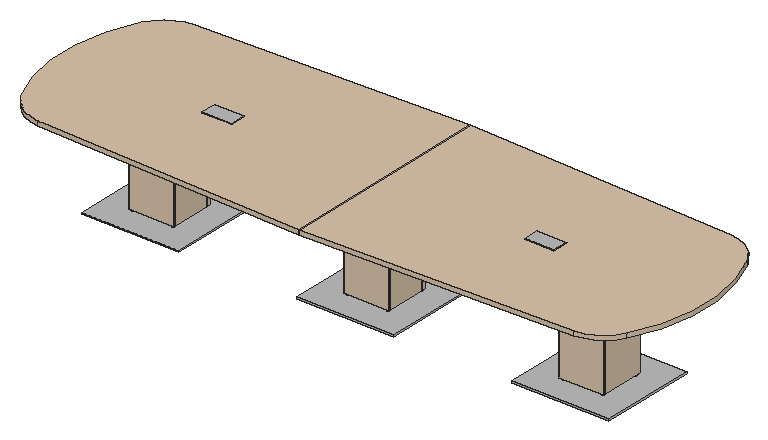
Revit family "Haworth_Planes_ColumnBaseConferenceTable_PebbleTwoPiece", category Furniture Systems, Revit 2018
Family settings
  Round Connector Dimension = Use Diameter
  Part Type = Normal
  OmniClass Number = 23.40.70.14.64.21
  OmniClass Title = Systems Furniture
  Work Plane-Based = No
  Always vertical = Yes
  Cut with Voids When Loaded = No
  Shared = No
  Room Calculation Point = No
Parameters (values of type "180w 60d")
  Worksurface Finish [instance] = Haworth _ Laminate _ Maple H-AE
  Worksurface Edge Finish [instance] = Haworth _ Laminate _ Maple H-AE
  Width = 180"
  Warranty = "http://www.haworth.com/resources/product-info/warranties"
  URL - Product = "http://www.haworth.com/products/tables/conference/planes"
  Trim Finish = Haworth _ Laminate _ Maple H-AE
  Sustainability Info = "http://media.haworth.com/asset/5175/Planes%20tables%20PEDS.pdf"
  Support Side Offset = 30"  # constant formula
  Opening Single Wide = no
  Opening Single = not(or(Opening Single Wide, Opening Double, Opening Double Wide))  # yes
  Opening Left/Right = not(Opening Center)  # no
  Opening Double Wide = no
  Opening Double = no
  Opening Center = yes
  Model = "TARP"  # constant formula
  Min. Depth = 42"  # constant formula
  Middle Leg Control = Actual Width > 168"  # yes
  Max. Depth = 60"  # constant formula
  URL = "www.haworth.com"
  Support Height = Actual Height - Table Thickness  # 27 13/16"
  Size = "Verify Final Dim. w/ Haworth"  # constant formula
  Revision Number = "1"  # constant formula
  Min/Max Width = "126-180 @ 6 in. increments"  # constant formula
  Standard Height = "21, 29, 41 in."  # constant formula
  Min. Width = 126"  # constant formula
  Max. Width = 180"  # constant formula
  Min. Height = 21"  # constant formula
  Max. Height = 41"  # constant formula
  Manufacturer = "Haworth"  # constant formula
  Height = 29"
  Fliptop Width = Cutout Width + 1/4"  # 8 1/4"
  Fliptop Side Vis. = and(Flip Top, [Opening Left/Right])  # no
  Fliptop Depth = Cutout Depth + 3/8"  # 4 3/8"
  Fliptop Center Vis. = and(Flip Top, Opening Center)  # yes
  Flip Top Finish = Haworth _ Paint _ Metallic Champagne
  Flip Top = yes
  Description = "Haworth Planes - Column Base Conference Table - Pebble - Two-Piece"  # constant formula
  Depth = 60"
  Cutout Width = if(or(Opening Single Wide, Opening Double Wide), 11", 8")  # 8"
  Cutout Side Offset = Actual Width / 8  # 22 1/2"
  Cutout Depth = if(or(Opening Double, Opening Double Wide), 7 11/16", 4")  # 4"
  Cutout Center Offset = Actual Width / 4  # 45"
  Custom Size = not(and(or(Depth = 42", Depth = 48", Depth = 54", Depth = 60"), or(Width = 126", Width = 132", Width = 138", Width = 144", Width = 150", Width = 156", Width = 162", Width = 168", Width = 174", Width = 180")))  # no
  Base Finish = Haworth _ Paint _ Metallic Champagne
  Author = "Haworth (Alias)"  # constant formula
  Assembly Code = "E2020200"
  Actual Width = if(Width > Max. Width, Max. Width, if(Width < Min. Width, Min. Width, Width))  # 180"
  Actual Height = if(Height > Max. Height, Max. Height, if(Height < Min. Height, Min. Height, Height))  # 29"
  Table Thickness = 1 3/16"  # constant formula
  Standard Depths = "42, 48, 54, 60 in."  # constant formula
  Actual Depth = if(Depth > Max. Depth, Max. Depth, if(Depth < Min. Depth, Min. Depth, Depth))  # 60"
Reference planes (in)
  plane 1 "Center F/B": y = -0.15866
  plane 2 "Floor": z = 0
  plane 3 "Center L/R": x = 0
  plane 4 "Table Edge Left": x = -90
  plane 5 "Table Edge Right": x = 90
  plane 6 "Table Edge Back": y = -30.15866
  plane 7 "Table Edge Front": y = 29.84134
  plane 8 "Table TOp": z = 29
  plane 9 "Fliptop Left 2": x = -22.5
  plane 10 "Fliptop Center 1": x = -45
  plane 11 "Fliptop Left 1": x = -67.5
  plane 12 "Fliptop Right 2": x = 22.5
  plane 13 "Fliptop Center 2": x = 45
  plane 14 "Fliptop Right 1": x = 67.5
  plane 15 "Base Right": x = 60
  plane 16 "Base Left": x = -60
Dimensions and locks (in)
  "Actual Depth": plane 7 "Table Edge Front" to plane 6 "Table Edge Back"
  "Actual Width": plane 4 "Table Edge Left" to plane 5 "Table Edge Right"
  equal spacing: plane 4 "Table Edge Left", plane 3 "Center L/R", plane 5 "Table Edge Right"
  equal spacing: plane 7 "Table Edge Front", plane 1 "Center F/B", plane 6 "Table Edge Back"
  "Actual Height": plane 8 "Table TOp" to level
  "Cutout Side Offset": plane 9 "Fliptop Left 2" to plane 3 "Center L/R"
  "Cutout Side Offset": plane 3 "Center L/R" to plane 12 "Fliptop Right 2"
  "Cutout Side Offset": plane 14 "Fliptop Right 1" to plane 5 "Table Edge Right"
  "Cutout Side Offset": plane 4 "Table Edge Left" to plane 11 "Fliptop Left 1"
  "Cutout Center Offset": plane 10 "Fliptop Center 1" to plane 3 "Center L/R"
  "Cutout Center Offset": plane 3 "Center L/R" to plane 13 "Fliptop Center 2"
  "Support Side Offset": plane 15 "Base Right" to plane 5 "Table Edge Right"
  "Support Side Offset": plane 4 "Table Edge Left" to plane 16 "Base Left"
  aligned and locked: plane 11 "Fliptop Left 1" to nested 4
  aligned and locked: plane 1 "Center F/B" to nested 4
  aligned and locked: plane 1 "Center F/B" to nested 3
  aligned and locked: plane 1 "Center F/B" to nested 2
  aligned and locked: plane 1 "Center F/B" to nested 5
  aligned and locked: plane 1 "Center F/B" to nested 1
  aligned and locked: plane 1 "Center F/B" to nested 6
  aligned and locked: plane 10 "Fliptop Center 1" to nested 6
  aligned and locked: plane 13 "Fliptop Center 2" to nested 5
  aligned and locked: plane 14 "Fliptop Right 1" to nested 1
  aligned and locked: plane 12 "Fliptop Right 2" to nested 2
  aligned and locked: plane 9 "Fliptop Left 2" to nested 3
  aligned and locked: plane 2 "Floor" to nested 7
  aligned and locked: plane 1 "Center F/B" to nested 7
  aligned and locked: plane 3 "Center L/R" to nested 7
  aligned and locked: plane 2 "Floor" to nested 8
  aligned and locked: plane 2 "Floor" to nested 9
  aligned and locked: plane 1 "Center F/B" to nested 8
  aligned and locked: plane 1 "Center F/B" to nested 9
  aligned and locked: nested 9 to plane 16 "Base Left"
  aligned and locked: plane 15 "Base Right" to nested 8
  aligned and locked: plane 1 "Center F/B" to nested 10
  aligned and locked: plane 3 "Center L/R" to nested 10
  aligned and locked: plane 2 "Floor" to nested 10
Nested families (in)
  nested 1: "Haworth_Worksurface_FlipTop_Unit_Part" at (66.92963, -0.21114, 29), built-in parameter 1001364 <- "Actual Height", visible <- "Fliptop Side Vis.", type "Flip Top"
  nested 2: "Haworth_Worksurface_FlipTop_Unit_Part" at (21.92963, -0.21114, 29), built-in parameter 1001364 <- "Actual Height", visible <- "Fliptop Side Vis.", type "Flip Top"
  nested 3: "Haworth_Worksurface_FlipTop_Unit_Part" at (-23.07037, -0.21114, 29), built-in parameter 1001364 <- "Actual Height", visible <- "Fliptop Side Vis.", type "Flip Top"
  nested 4: "Haworth_Worksurface_FlipTop_Unit_Part" at (-68.07037, -0.21114, 29), built-in parameter 1001364 <- "Actual Height", visible <- "Fliptop Side Vis.", type "Flip Top"
  nested 5: "Haworth_Worksurface_FlipTop_Unit_Part" at (44.42963, -0.21114, 29), built-in parameter 1001364 <- "Actual Height", visible <- "Fliptop Center Vis.", type "Flip Top"
  nested 6: "Haworth_Worksurface_FlipTop_Unit_Part" at (-45.57037, -0.21114, 29), built-in parameter 1001364 <- "Actual Height", visible <- "Fliptop Center Vis.", type "Flip Top"
  nested 7: "Haworth_Planes_ColumnBase_Part" at (0, -3.78366, 0), visible <- "Middle Leg Control", type "Square"
    with Actual Height 27 13/16"
  nested 8: "Haworth_Planes_ColumnBase_Part" at (60, -3.78366, 0), type "Square"
    with Actual Height 27 13/16"
  nested 9: "Haworth_Planes_ColumnBase_Part" at (-60, -3.78366, 0), type "Square"
    with Actual Height 27 13/16"
  nested 10: "Haworth_Planes_Worksurface_Pebble_2Piece_PART" at (0, -15.15866, 0), type "Worksurface"
Definition of nested family "Haworth_Worksurface_FlipTop_Unit_Part"
  Parameters (values of type "Flip Top")
    Warranty = "https://www.haworth.com/resources/product-info/warranties"
    URL - Product = "https://www.haworth.com/products/tables/conference/planes"
    URL = "www.haworth.com"
    Sustainability Info = "https://www.haworth.com/company-info/sustainability"
    Size = "Verify Final Dim. w/ Haworth"  # constant formula
    Revision Number = "2"  # constant formula
    Model = "Haworth_Worksurface-Flip_Top_Unit"  # constant formula
    Manufacturer = "Haworth"  # constant formula
    LEED Data = "www.haworth.com/_layouts/Haworth.ProductCatalog/Handlers/GetAsset.ashx/ComposeLEEDContributions.pdf?cid=27&rid=1824&type=Leed"
    Flip Top Finish = none
    Description = "Haworth Worksurface-Flip Top Unit - Part"
    Default Elevation = 48"
    Author = "Haworth (Alias), SHAPE Environments, LLC"  # constant formula
    Assembly Code = "E2020200"
    Actual Width = 8 1/4"
    Actual Depth = 4 3/8"
  Reference planes (in)
    plane 1 "Center F/B": y = 0.05249
    plane 2: z = 0
    plane 3 "Center L/R": x = 0.57037
    plane 4 "Back": y = 2.23999
    plane 5 "Right": x = 4.69537
    plane 6 "Front": y = -2.13501
    plane 7 "Left": x = -3.55463
    plane 8 "Table Height": z = 0
  Forms (in)
    Extrusion 1, solid, material <- "Flip Top Finish"
      sketch origin (0, 0, 0) x (-1, 0, 0) y (0, -1, 0)
        loop
          line (3.55463, -2.23999) -> (3.55463, 2.13501) -> (-4.69537, 2.13501) -> (-4.69537, -2.23999) -> (3.55463, -2.23999)
      from 0 to 0.125
    Extrusion 2, solid, material <- "Flip Top Finish"
      sketch origin (0, 0, 0) x (-1, 0, 0) y (0, -1, 0)
        loop
          line (3.42963, -2.05249) -> (3.42963, 1.94751) -> (-4.57037, 1.94751) -> (-4.57037, -2.05249) -> (3.42963, -2.05249)
      from 0 to -2.75
  Cuts and joins
    joined: Extrusion 1, Extrusion 2
  Lines and regions (in)
    Masking region 1
      outline origin (0, 0, 0) x (1, 0, 0) y (0, 1, 0)
        loop
          line (-3.55463, 2.23999) -> (-3.55463, -2.13501) -> (4.69537, -2.13501) -> (4.69537, 2.23999) -> (-3.55463, 2.23999)
  Dimensions and locks (in)
    equal spacing: plane 7 "Left", plane 3 "Center L/R", plane 5 "Right"
    "Actual Width": plane 7 "Left" to plane 5 "Right"
    equal spacing: plane 6 "Front", plane 1 "Center F/B", plane 4 "Back"
    "Actual Depth": plane 4 "Back" to plane 6 "Front"
    plane 7 "Left" to Extrusion 2 sketch curve = 1/8"
    plane 4 "Back" to Extrusion 2 sketch curve = 3/16"
    Extrusion 2 sketch curve to plane 5 "Right" = 1/8"
    Extrusion 2 sketch curve to plane 6 "Front" = 3/16"
    locked: plane 8 "Table Height" to level
    aligned and locked: plane 7 "Left" to Extrusion 1 sketch curve
    aligned and locked: Extrusion 1 sketch curve to plane 4 "Back"
    aligned and locked: plane 6 "Front" to Extrusion 1 sketch curve
    aligned and locked: Extrusion 1 sketch curve to plane 5 "Right"
    aligned and locked: Masking region 1 sketch curve to cut or joined group of Extrusion 1, Extrusion 2  (x3)
    aligned and locked: cut or joined group of Extrusion 1, Extrusion 2 to Masking region 1 sketch curve
Definition of nested family "Haworth_Planes_ColumnBase_Part"
  Parameters (values of type "Square")
    Warranty = "http://www.haworth.com/resources/product-info/warranties"
    URL - Product = "http://www.haworth.com/products/tables/conference/planes"
    URL = "www.haworth.com"
    Trim Finish = none
    Top Gap = 1 1/2"  # constant formula
    Sustainability Info = "http://www.haworth.com/company-info/sustainablility"
    Support Finish = none
    Size = "Verify Final Dim. w/ Haworth"  # constant formula
    Revision Number = "2"  # constant formula
    Model = "Haworth - Planes - Enhanced Column Base - LIMITED"  # constant formula
    Min. Height = 27"  # constant formula
    Max. Height = 36"  # constant formula
    Manufacturer = "Haworth"  # constant formula
    Description = "Haworth - Planes - Enhanced Column Base - LIMITED"  # constant formula
    Column Frame Width 9 = no
    Column Frame Width 12 = yes
    Cladding Thickness = 1/8"  # constant formula
    Cladding Square = yes
    Cladding Round = no
    Cladding Radius = 8 1/2"  # constant formula
    Base Plate Square = yes
    Base Plate Round = no
    Base Plate Radius = 15"  # constant formula
    Base Height Offset = 3/8"  # constant formula
    Base Finish = none
    Base Depth Offset = 7 1/8"  # constant formula
    Author = "Haworth (Hampton)"  # constant formula
    Assembly Code = "E2020200"
    Actual Width = 12 3/4"  # constant formula
    Actual Height = 27 3/16"
    Actual Depth = 12 3/4"  # constant formula
  Types (2): name | Cladding Square | Cladding Round | Base Plate Square | Base Plate Round
    Square | yes | no | yes | no
    Round | no | yes | no | yes
  Reference planes (in)
    plane 1 "Center F/B": y = 3.625
    plane 2 "Bottom": z = 0
    plane 3 "Center L/R": x = 0
    plane 4 "Left": x = -6.375
    plane 5 "Right": x = 6.375
    plane 6 "Front": y = -2.75
    plane 7 "Top": z = 27.1875
    plane 8 "Back": y = 10
    plane 9: y = 9.25
    plane 10: x = 5.625
    plane 11: x = -5.625
    plane 12: y = -2
    plane 13 "Panel Top": z = 25.6875
    plane 14 "Base Plate Top": z = 0.375
    plane 15 "Panel Bottom": z = 0.75
    plane 16: x = -6.25
    plane 17: x = 6.25
    plane 18: y = 9.875
    plane 19: y = -2.625
    plane 20 "Plate Back": y = 17.125
    plane 21 "Plate Front": y = -9.875
    plane 22 "Plate Left": x = -13.5
    plane 23 "Plate Right": x = 13.5
    plane 24 "Angel 2": through (6.375, 10, 48) normal (0.7071, -0.7071, 0)
    plane 25 "Angel 1": through (-6.375, 10, 48) normal (0.7071, 0.7071, 0)
    plane 26: through (6.375, -2.75, 48) normal (-0.7071, -0.7071, 0)
    plane 27: through (6.375, 10, 48) normal (0.7071, -0.7071, 0)
    plane 28: through (-6.375, -2.75, 48) normal (-0.7071, 0.7071, 0)
    plane 29: through (6.375, -2.75, 48) normal (-0.7071, -0.7071, 0)
    plane 30: through (-6.375, 10, 48) normal (0.7071, 0.7071, 0)
    plane 31: through (-6.375, -2.75, 48) normal (-0.7071, 0.7071, 0)
  Forms (in)
    Extrusion 1, solid, material <- "Trim Finish", visible <- "Cladding Square"
      sketch origin (0, 0, 0) x (1, 0, 0) y (0, 1, 0)
        loop
          line (-6.375, 9.875) -> (-6.375, -2.625) -> (-6.25, -2.625) -> (-6.25, 9.875) -> (-6.375, 9.875)
      from 0.75 to 25.6875
    Extrusion 2, solid, material <- "Trim Finish", visible <- "Cladding Square"
      sketch origin (0, 0, 0) x (1, 0, 0) y (0, 1, 0)
        loop
          line (-6.25, 10) -> (-6.25, 9.875) -> (6.25, 9.875) -> (6.25, 10) -> (-6.25, 10)
      from 0.75 to 25.6875
    Extrusion 3, solid, material <- "Trim Finish", visible <- "Cladding Square"
      sketch origin (0, 0, 0) x (1, 0, 0) y (0, 1, 0)
        loop
          line (6.25, 9.875) -> (6.25, -2.625) -> (6.375, -2.625) -> (6.375, 9.875) -> (6.25, 9.875)
      from 0.75 to 25.6875
    Extrusion 4, solid, material <- "Trim Finish", visible <- "Cladding Square"
      sketch origin (0, 0, 0) x (1, 0, 0) y (0, 1, 0)
        loop
          line (-6.25, -2.625) -> (-6.25, -2.75) -> (6.25, -2.75) -> (6.25, -2.625) -> (-6.25, -2.625)
      from 0.75 to 25.6875
    Extrusion 5, solid, material <- "Support Finish"
      sketch origin (0, 0, 0) x (1, 0, 0) y (0, 1, 0)
        loop
          circle (-5.625, 9.25) r 0.375
        loop
          circle (5.625, 9.25) r 0.375
        loop
          circle (5.625, -2) r 0.375
        loop
          circle (-5.625, -2) r 0.375
      from 0.375 to 27.1875
    Extrusion 6, solid, material <- "Base Finish", visible <- "Base Plate Square"
      sketch origin (0, 0, 0) x (1, 0, 0) y (0, 1, 0)
        loop
          line (-13.5, 17.125) -> (-13.5, -9.875) -> (13.5, -9.875) -> (13.5, 17.125) -> (-13.5, 17.125)
      from 0 to 0.375
    Extrusion 7, solid, material <- "Base Finish", visible <- "Base Plate Round"
      sketch origin (0, 0, 0) x (1, 0, 0) y (0, 1, 0)
        loop
          circle (0, 3.625) r 15
      from 0 to 0.375
    Extrusion 8, solid, material <- "Trim Finish", visible <- "Cladding Round"
      sketch origin (0, 0, 0) x (1, 0, 0) y (0, 1, 0)
        loop
          arc (-6.01041, 9.63541) -> (0, 12.125) -> (6.01041, 9.63541) r 8.5
          line (6.01041, 9.63541) -> (6.01041, 9.81092)
          arc (6.01041, 9.81092) -> (0, 12.25) -> (-6.01041, 9.81092) r 8.625
          line (-6.01041, 9.81092) -> (-6.01041, 9.63541)
      from 0.75 to 25.6875
    Extrusion 9, solid, material <- "Trim Finish", visible <- "Cladding Round"
      sketch origin (-3.625, 3.625, 0) x (0, -1, 0) y (1, 0, 0)
        loop
          arc (-6.01041, 9.63541) -> (0, 12.125) -> (6.01041, 9.63541) r 8.5
          line (6.01041, 9.63541) -> (6.01041, 9.81092)
          arc (6.01041, 9.81092) -> (0, 12.25) -> (-6.01041, 9.81092) r 8.625
          line (-6.01041, 9.81092) -> (-6.01041, 9.63541)
      from 0.75 to 25.6875
    Extrusion 10, solid, material <- "Trim Finish", visible <- "Cladding Round"
      sketch origin (0, 7.25, 0) x (-1, 0, 0) y (0, -1, 0)
        loop
          arc (-6.01041, 9.63541) -> (0, 12.125) -> (6.01041, 9.63541) r 8.5
          line (6.01041, 9.63541) -> (6.01041, 9.81092)
          arc (6.01041, 9.81092) -> (0, 12.25) -> (-6.01041, 9.81092) r 8.625
          line (-6.01041, 9.81092) -> (-6.01041, 9.63541)
      from 0.75 to 25.6875
    Extrusion 11, solid, material <- "Trim Finish", visible <- "Cladding Round"
      sketch origin (3.625, 3.625, 0) x (0, 1, 0) y (-1, 0, 0)
        loop
          arc (-6.01041, 9.63541) -> (0, 12.125) -> (6.01041, 9.63541) r 8.5
          line (6.01041, 9.63541) -> (6.01041, 9.81092)
          arc (6.01041, 9.81092) -> (0, 12.25) -> (-6.01041, 9.81092) r 8.625
          line (-6.01041, 9.81092) -> (-6.01041, 9.63541)
      from 0.75 to 25.6875
  Lines and regions (in)
    symbolic lines, visible <- "Base Plate Square", detail levels medium+fine
      curve 1: line (-13.5, 17.125, 0) -> (13.5, 17.125, 0)
      curve 2: line (13.5, 17.125, 0) -> (13.5, -9.875, 0)
      curve 3: line (13.5, -9.875, 0) -> (-13.5, -9.875, 0)
      curve 4: line (-13.5, -9.875, 0) -> (-13.5, 17.125, 0)
    symbolic lines, visible <- "Cladding Square", detail levels medium+fine
      curve 5: line (-6.375, 10, 0) -> (6.375, 10, 0)
      curve 6: line (6.375, 10, 0) -> (6.375, -2.75, 0)
      curve 7: line (6.375, -2.75, 0) -> (-6.375, -2.75, 0)
      curve 8: line (-6.375, -2.75, 0) -> (-6.375, 10, 0)
    model lines, visible <- "Base Plate Round"
      curve 9: circle (0, 3.625, 0) r 15 normal (0, 0, 1)
    symbolic lines, visible <- "Base Plate Round", detail levels medium+fine
      curve 10: circle (0, 3.625, 0) r 8.5 normal (0, 0, 1)
  Dimensions and locks (in)
    equal spacing: plane 8 "Back", plane 1 "Center F/B", plane 6 "Front"
    "Actual Depth": plane 8 "Back" to plane 6 "Front"
    equal spacing: plane 4 "Left", plane 3 "Center L/R", plane 5 "Right"
    "Actual Width": plane 4 "Left" to plane 5 "Right"
    "Actual Height": plane 7 "Top" to level
    locked: plane 4 "Left" to plane 11 at 0.75
    locked: plane 10 to plane 5 "Right" at 0.75
    locked: plane 8 "Back" to plane 9 at 0.75
    locked: plane 12 to plane 6 "Front" at 0.75
    "Base Height Offset": plane 14 "Base Plate Top" to level
    "Base Height Offset": plane 15 "Panel Bottom" to plane 14 "Base Plate Top"
    "Top Gap": plane 7 "Top" to plane 13 "Panel Top"
    "Base Depth Offset": plane 22 "Plate Left" to plane 4 "Left"
    "Base Depth Offset": plane 5 "Right" to plane 23 "Plate Right"
    "Base Depth Offset": plane 21 "Plate Front" to plane 6 "Front"
    "Base Depth Offset": plane 20 "Plate Back" to plane 8 "Back"
    "Cladding Thickness": plane 8 "Back" to plane 18
    "Cladding Thickness": plane 19 to plane 6 "Front"
    "Cladding Thickness": plane 4 "Left" to plane 16
    "Cladding Thickness": plane 17 to plane 5 "Right"
    "Base Plate Radius": radius of Extrusion 7 sketch curve
    "Base Plate Radius": radius of curve 9
    "Cladding Radius": radius of Extrusion 8 sketch curve
    "Cladding Radius": radius of curve 10
    "Cladding Radius": radius of Extrusion 9 sketch curve
    "Cladding Radius": radius of Extrusion 10 sketch curve
    "Cladding Radius": radius of Extrusion 11 sketch curve
    aligned and locked: Extrusion 1 sketch curve to plane 19
    aligned and locked: plane 4 "Left" to Extrusion 1 sketch curve
    aligned and locked: Extrusion 1 sketch curve to plane 16
    aligned and locked: Extrusion 1 sketch curve to plane 18
    aligned and locked: Extrusion 2 sketch curve to plane 8 "Back"
    aligned and locked: plane 18 to Extrusion 2 sketch curve
    aligned and locked: plane 16 to Extrusion 2 sketch curve
    aligned and locked: plane 17 to Extrusion 2 sketch curve
    aligned and locked: Extrusion 3 sketch curve to plane 19
    aligned and locked: Extrusion 3 sketch curve to plane 18
    aligned and locked: Extrusion 3 sketch curve to plane 17
    aligned and locked: plane 5 "Right" to Extrusion 3 sketch curve
    aligned and locked: plane 16 to Extrusion 4 sketch curve
    aligned and locked: plane 17 to Extrusion 4 sketch curve
    aligned and locked: plane 19 to Extrusion 4 sketch curve
    aligned and locked: plane 6 "Front" to Extrusion 4 sketch curve
    aligned and locked: plane 13 "Panel Top" to Extrusion 4
    aligned and locked: Extrusion 4 to plane 15 "Panel Bottom"
    aligned and locked: plane 13 "Panel Top" to Extrusion 2
    aligned and locked: Extrusion 2 to plane 15 "Panel Bottom"
    aligned and locked: Extrusion 1 to plane 15 "Panel Bottom"
    aligned and locked: plane 13 "Panel Top" to Extrusion 1
    aligned and locked: Extrusion 3 to plane 15 "Panel Bottom"
    aligned and locked: plane 13 "Panel Top" to Extrusion 3
    aligned and locked: Extrusion 5 to plane 14 "Base Plate Top"
    aligned and locked: plane 7 "Top" to Extrusion 5
    aligned and locked: plane 22 "Plate Left" to Extrusion 6 sketch curve
    aligned and locked: Extrusion 6 sketch curve to plane 21 "Plate Front"
    aligned and locked: plane 23 "Plate Right" to Extrusion 6 sketch curve
    aligned and locked: Extrusion 6 sketch curve to plane 20 "Plate Back"
    aligned and locked: Extrusion 6 to plane 2 "Bottom"
    aligned and locked: Extrusion 6 to plane 14 "Base Plate Top"
    aligned and locked: curve 1 to plane 20 "Plate Back"
    aligned and locked: plane 22 "Plate Left" to curve 4
    aligned and locked: curve 3 to plane 21 "Plate Front"
    aligned and locked: plane 23 "Plate Right" to curve 2
    aligned and locked: plane 5 "Right" to curve 6
    aligned and locked: curve 5 to plane 8 "Back"
    aligned and locked: plane 4 "Left" to curve 8
    aligned and locked: plane 6 "Front" to curve 7
    aligned and locked: Extrusion 7 to plane 2 "Bottom"
    aligned and locked: Extrusion 7 to plane 14 "Base Plate Top"
    aligned and locked: plane 13 "Panel Top" to Extrusion 8
    aligned and locked: Extrusion 8 to plane 15 "Panel Bottom"
    aligned and locked: Extrusion 11 to plane 15 "Panel Bottom"
    aligned and locked: Extrusion 10 to plane 15 "Panel Bottom"
    aligned and locked: Extrusion 9 to plane 15 "Panel Bottom"
    aligned and locked: plane 13 "Panel Top" to Extrusion 11
    aligned and locked: plane 13 "Panel Top" to Extrusion 10
    aligned and locked: plane 13 "Panel Top" to Extrusion 9
    aligned and locked: Extrusion 11 to Extrusion 1  (x2)
    aligned and locked: Extrusion 2 to Extrusion 10  (x2)
    aligned and locked: Extrusion 9 to Extrusion 2
    aligned and locked: Extrusion 2 to Extrusion 9
    aligned and locked: Extrusion 2 to Extrusion 8  (x2)
    aligned and locked: Extrusion 4 to Extrusion 1
    aligned and locked: Extrusion 1 to Extrusion 4
  Automatic sketch dimensions
    Extrusion 5 sketch curve to plane 11 = 0"  (x2)
    Extrusion 5 sketch curve to plane 9 = 0"  (x2)
    Extrusion 5 sketch curve to plane 10 = 0"  (x2)
    Extrusion 5 sketch curve to plane 12 = 0"  (x2)
    curve 9 to curve 10 = 0"  (x2)
    plane 1 "Center F/B" to curve 9 = 0"
    curve 9 to plane 3 "Center L/R" = 0"
    plane 1 "Center F/B" to Extrusion 7 sketch curve = 0"
    Extrusion 7 sketch curve to plane 3 "Center L/R" = 0"
    Extrusion 8 sketch curve to Extrusion 8 sketch curve = 0"  (x2)
    plane 25 "Angel 1" to Extrusion 8 sketch curve = 0"
    plane 1 "Center F/B" to Extrusion 8 sketch curve = 0"
    Extrusion 8 sketch curve to plane 3 "Center L/R" = 0"
    plane 24 "Angel 2" to Extrusion 8 sketch curve = 0"
    Extrusion 8 sketch curve to plane 18 = 0.06408"
    Extrusion 9 sketch curve to Extrusion 9 sketch curve = 0"  (x2)
    Extrusion 9 sketch curve to plane 27 = 0"
    plane 1 "Center F/B" to Extrusion 9 sketch curve = 0"
    plane 26 to Extrusion 9 sketch curve = 0"
    Extrusion 9 sketch curve to plane 3 "Center L/R" = 0"
    plane 17 to Extrusion 9 sketch curve = 0.06408"
    Extrusion 10 sketch curve to Extrusion 10 sketch curve = 0"  (x2)
    Extrusion 10 sketch curve to plane 29 = 0"
    plane 1 "Center F/B" to Extrusion 10 sketch curve = 0"
    Extrusion 10 sketch curve to plane 3 "Center L/R" = 0"
    Extrusion 10 sketch curve to plane 28 = 0"
    Extrusion 10 sketch curve to plane 19 = 0.06408"
    Extrusion 11 sketch curve to Extrusion 11 sketch curve = 0"  (x2)
    plane 31 to Extrusion 11 sketch curve = 0"
    plane 1 "Center F/B" to Extrusion 11 sketch curve = 0"
    Extrusion 11 sketch curve to plane 30 = 0"
    Extrusion 11 sketch curve to plane 3 "Center L/R" = 0"
    plane 16 to Extrusion 11 sketch curve = 0.06408"
    radius of Extrusion 5 sketch curve = 3/8"  (x4)
Definition of nested family "Haworth_Planes_Worksurface_Pebble_2Piece_PART"
  Parameters (values of type "Worksurface")
    Warranty = "https://www.haworth.com/resources/product-info/warranties"
    URL - Product = ""
    URL = "www.haworth.com"
    Thickness = 1 3/16"
    Table Finish = none
    Table Edge Finish = none
    Revision Number = ""
    Note = "Verify Final Dim. w/ Haworth"  # constant formula
    Manufacturer = "Haworth"  # constant formula
    Depth 60 = and(Actual Depth > 57", Actual Depth < 61")  # yes
    Depth 54 = and(Actual Depth > 51", Actual Depth < 58")  # no
    Depth 48 = and(Actual Depth > 45", Actual Depth < 52")  # no
    Depth 42 = and(Actual Depth > 41", Actual Depth < 46")  # no
    Cutout Width = 8"  # constant formula
    Cutout Dimension = 3"  # constant formula
    Cutout Depth = 4"  # constant formula
    Author = "Haworth (Alias)"  # constant formula
    Assembly Code = ""
    Actual Width = 180"
    Actual Height = 29"
    Actual Depth = 60"
  Reference planes (in)
    plane 1 "Center F/B": y = 15
    plane 2 "Bottom": z = 0
    plane 3 "Center L/R": x = 0
    plane 4 "Table Front": y = 45
    plane 5 "Table Right": x = 90
    plane 6 "Table Left": x = -90
    plane 7 "Table Back": y = -15
    plane 8 "Table Top": z = 29
    plane 9 "Table Bottom": z = 27.8125
    plane 10 "Cutout Top": z = 30
    plane 11 "Cutout Bottom": z = 27
    plane 12 "KnifeEdge Middle": z = 28.625
  Dimensions and locks (in)
    "Actual Depth": plane 7 "Table Back" to plane 4 "Table Front"
    "Actual Width": plane 6 "Table Left" to plane 5 "Table Right"
    equal spacing: plane 6 "Table Left", plane 3 "Center L/R", plane 5 "Table Right"
    equal spacing: plane 4 "Table Front", plane 1 "Center F/B", plane 7 "Table Back"
    "Thickness": plane 8 "Table Top" to plane 9 "Table Bottom"
    "Actual Height": plane 8 "Table Top" to level
    "Cutout Dimension": plane 10 "Cutout Top" to plane 11 "Cutout Bottom"
    plane 10 "Cutout Top" to plane 8 "Table Top" = 1"
    locked: plane 8 "Table Top" to plane 12 "KnifeEdge Middle" at 0.375
    aligned and locked: plane 3 "Center L/R" to nested 1
    aligned and locked: plane 3 "Center L/R" to nested 2
    aligned and locked: plane 3 "Center L/R" to nested 3
    aligned and locked: plane 1 "Center F/B" to nested 1
    aligned and locked: plane 1 "Center F/B" to nested 2
    aligned and locked: plane 1 "Center F/B" to nested 3
    aligned and locked: plane 1 "Center F/B" to nested 4
    aligned and locked: plane 3 "Center L/R" to nested 4
  Nested families (in)
    nested 1: "Haworth_Planes_Worksurface_Pebble48_TwoPiece_Part" at (0, 0, 0), visible <- "Depth 48", type "Worksurface"
    nested 2: "Haworth_Planes_Worksurface_Pebble54_TwoPiece_Part" at (0, 0, 0), visible <- "Depth 54", type "Worksurface"
    nested 3: "Haworth_Planes_Worksurface_Pebble60_TwoPiece_Part" at (0, 0, 0), visible <- "Depth 60", type "Worksurface"
    nested 4: "Haworth_Planes_Worksurface_Pebble42_TwoPiece_Part" at (0, 0, 0), visible <- "Depth 42", type "Worksurface"
      with Actual Height 29"
  Definition of nested family "Haworth_Planes_Worksurface_Pebble48_TwoPiece_Part"
    Parameters (values of type "Worksurface")
      Width = 180"
      Warranty = "https://www.haworth.com/resources/product-info/warranties"
      URL - Product = ""
      URL = "www.haworth.com"
      Thickness = 1 3/16"
      Table Finish = none
      Table Edge Finish = none
      Revision Number = ""
      Note = "Verify Final Dim. w/ Haworth"  # constant formula
      Min. Width = 126"  # constant formula
      Min. Depth = 48"  # constant formula
      Max. Width = 180"  # constant formula
      Max. Depth = 48"  # constant formula
      Manufacturer = "Haworth"  # constant formula
      Depth = 48"  # constant formula
      Cutout Width = 8"  # constant formula
      Cutout Dimension = 3"  # constant formula
      Cutout Depth = 4"  # constant formula
      Center Cutout Offset = Actual Width / 4  # 45"
      Author = "Haworth (Alias)"  # constant formula
      Assembly Code = ""
      Actual Width = if(Width < Min. Width, Min. Width, if(Width > Max. Width, Max. Width, Width))  # 180"
      Actual Height = 29"
      Actual Depth = if(Depth > Max. Depth, Max. Depth, if(Depth < Min. Depth, Min. Depth, Depth))  # 48"
      180w = and(177" < Actual Width, Actual Width < 181")  # yes
      174w = and(171" < Actual Width, Actual Width < 178")  # no
      168w = and(165" < Actual Width, Actual Width < 172")  # no
      162w = and(159" < Actual Width, Actual Width < 166")  # no
      156w = and(153" < Actual Width, Actual Width < 160")  # no
      150w = and(147" < Actual Width, Actual Width < 154")  # no
      144w = and(141" < Actual Width, Actual Width < 148")  # no
      138w = and(135" < Actual Width, Actual Width < 142")  # no
      132w = and(129" < Actual Width, Actual Width < 136")  # no
      126w = and(125" < Actual Width, Actual Width < 130")  # no
    Reference planes (in)
      plane 1 "Center F/B": y = 15
      plane 2 "Bottom": z = 0
      plane 3 "Center L/R": x = 0
      plane 4 "Table Top": z = 29
      plane 5 "Table Bottom": z = 27.8125
      plane 6 "Cutout Top": z = 30
      plane 7 "Cutout Bottom": z = 27
      plane 8 "KnifeEdge Middle": z = 28.625
    Forms (in)
      Extrusion 1, solid, material <- "Table Finish", visible <- "126w"
        sketch origin (-452.69651, 365.79796, 0) x (1, 0, 0) y (0, 1, 0)
          loop
            arc (391.87396, -338.00264) -> (390.01651, -350.79796) -> (391.87396, -363.59328) r 45
            arc (391.87396, -363.59328) -> (395.71903, -369.41863) -> (402.15556, -372.1187) r 12
            arc (402.15556, -372.1187) -> (427.39309, -374.03925) -> (452.69651, -374.63796) r 484.04158
            line (452.69651, -374.63796) -> (452.69651, -326.95796)
            arc (452.69651, -326.95796) -> (427.39309, -327.55667) -> (402.15556, -329.47722) r 484.04158
            arc (402.15556, -329.47722) -> (395.71903, -332.17728) -> (391.87396, -338.00264) r 12
        from 27.8125 to 29
      Extrusion 2, solid, material <- "Table Finish", visible <- "132w"
        sketch origin (-452.53557, 311.99122, 0) x (1, 0, 0) y (0, 1, 0)
          loop
            arc (452.53557, -273.15122) -> (425.76758, -273.7445) -> (399.06185, -275.66297) r 540.36854
            arc (399.06185, -275.66297) -> (392.58439, -278.34816) -> (388.71335, -284.19476) r 12
            arc (388.71335, -284.19476) -> (386.85557, -296.99122) -> (388.71335, -309.78768) r 45
            arc (388.71335, -309.78768) -> (392.58439, -315.63428) -> (399.06185, -318.31947) r 12
            arc (399.06185, -318.31947) -> (425.76758, -320.23794) -> (452.53557, -320.83122) r 540.36854
            line (452.53557, -320.83122) -> (452.53557, -273.15122)
        from 27.8125 to 29
      Extrusion 3, solid, material <- "Table Finish", visible <- "138w"
        sketch origin (-451.3944, 258.39309, 0) x (1, 0, 0) y (0, 1, 0)
          loop
            arc (451.3944, -219.55309) -> (423.16053, -220.14667) -> (394.98521, -222.05826) r 604.4883
            arc (394.98521, -222.05826) -> (388.46843, -224.72891) -> (384.5724, -230.59591) r 12
            arc (384.5724, -230.59591) -> (382.7144, -243.39309) -> (384.5724, -256.19027) r 45
            arc (384.5724, -256.19027) -> (388.46843, -262.05727) -> (394.98521, -264.72792) r 12
            arc (394.98521, -264.72792) -> (423.16053, -266.63951) -> (451.3944, -267.23309) r 604.4883
            line (451.3944, -267.23309) -> (451.3944, -219.55309)
        from 27.8125 to 29
      Extrusion 4, solid, material <- "Table Finish", visible <- "144w"
        sketch origin (-450.74682, 206.61626, 0) x (1, 0, 0) y (0, 1, 0)
          loop
            arc (450.74682, -167.77626) -> (421.04332, -168.37022) -> (391.39508, -170.27618) r 672.15743
            arc (391.39508, -170.27618) -> (384.84322, -172.93367) -> (380.92487, -178.81889) r 12
            arc (380.92487, -178.81889) -> (379.06682, -191.61626) -> (380.92487, -204.41362) r 45
            arc (380.92487, -204.41362) -> (384.84322, -210.29884) -> (391.39508, -212.95633) r 12
            arc (391.39508, -212.95633) -> (421.04332, -214.86229) -> (450.74682, -215.45626) r 672.15743
            line (450.74682, -215.45626) -> (450.74682, -167.77626)
        from 27.8125 to 29
      Extrusion 5, solid, material <- "Table Finish", visible <- "150w"
        sketch origin (-451.36348, 152.38065, 0) x (1, 0, 0) y (0, 1, 0)
          loop
            arc (451.36348, -113.54065) -> (420.18725, -114.13515) -> (389.06336, -116.03633) r 743.51463
            arc (389.06336, -116.03633) -> (382.47993, -118.68183) -> (378.54148, -124.58344) r 12
            arc (378.54148, -124.58344) -> (376.68348, -137.38065) -> (378.54148, -150.17785) r 45
            arc (378.54148, -150.17785) -> (382.47993, -156.07946) -> (389.06336, -158.72496) r 12
            arc (389.06336, -158.72496) -> (420.18725, -160.62614) -> (451.36348, -161.22065) r 743.51463
            line (451.36348, -161.22065) -> (451.36348, -113.54065)
        from 27.8125 to 29
      Extrusion 6, solid, material <- "Table Finish", visible <- "156w"
        sketch origin (-450.71268, 100.99538, 0) x (1, 0, 0) y (0, 1, 0)
          loop
            arc (450.71268, -62.15538) -> (418.06101, -62.75038) -> (385.45908, -64.64763) r 818.36747
            arc (385.45908, -64.64763) -> (378.84715, -67.28218) -> (374.89056, -73.19859) r 12
            arc (374.89056, -73.19859) -> (373.03268, -85.99538) -> (374.89056, -98.79216) r 45
            arc (374.89056, -98.79216) -> (378.84715, -104.70857) -> (385.45908, -107.34312) r 12
            arc (385.45908, -107.34312) -> (418.06101, -109.24037) -> (450.71268, -109.83538) r 818.36747
            line (450.71268, -109.83538) -> (450.71268, -62.15538)
        from 27.8125 to 29
      Extrusion 7, solid, material <- "Table Finish", visible <- "162w"
        sketch origin (-450.06188, 48.95992, 0) x (1, 0, 0) y (0, 1, 0)
          loop
            arc (450.06188, -10.11992) -> (415.93258, -10.71566) -> (381.85065, -12.60935) r 897.10737
            arc (381.85065, -12.60935) -> (375.21274, -15.23381) -> (371.23959, -21.16371) r 12
            arc (371.23959, -21.16371) -> (369.38188, -33.95992) -> (371.23959, -46.75612) r 45
            arc (371.23959, -46.75612) -> (375.21274, -52.68602) -> (381.85065, -55.31048) r 12
            arc (381.85065, -55.31048) -> (415.93258, -57.20417) -> (450.06188, -57.79992) r 897.10737
            line (450.06188, -57.79992) -> (450.06188, -10.11992)
        from 27.8125 to 29
      Extrusion 8, solid, material <- "Table Finish", visible <- "168w"
        sketch origin (-450.06188, -2.4251, 0) x (1, 0, 0) y (0, 1, 0)
          loop
            arc (450.06188, 41.2651) -> (414.45297, 40.66855) -> (378.88929, 38.77797) r 979.56619
            arc (378.88929, 38.77797) -> (372.22765, 36.16281) -> (368.23937, 30.22058) r 12
            arc (368.23937, 30.22058) -> (366.38188, 17.4251) -> (368.23937, 4.62962) r 45
            arc (368.23937, 4.62962) -> (372.22765, -1.31261) -> (378.88929, -3.92777) r 12
            arc (378.88929, -3.92777) -> (414.45297, -5.81834) -> (450.06188, -6.4149) r 979.56619
            line (450.06188, -6.4149) -> (450.06188, 41.2651)
        from 27.8125 to 29
      Extrusion 9, solid, material <- "Table Finish", visible <- "174w"
        sketch origin (-449.9066, -53.91219, 0) x (1, 0, 0) y (0, 1, 0)
          loop
            arc (449.9066, 92.75219) -> (412.81637, 92.15477) -> (375.7694, 90.26693) r 1065.75596
            arc (375.7694, 90.26693) -> (369.08601, 87.66036) -> (365.08384, 81.70682) r 12
            arc (365.08384, 81.70682) -> (363.2266, 68.91219) -> (365.08384, 56.11756) r 45
            arc (365.08384, 56.11756) -> (369.08601, 50.16402) -> (375.7694, 47.55745) r 12
            arc (375.7694, 47.55745) -> (412.81637, 45.66961) -> (449.9066, 45.07219) r 1065.75596
            line (449.9066, 45.07219) -> (449.9066, 92.75219)
        from 27.8125 to 29
      Extrusion 10, solid, material <- "Table Finish", visible <- "180w"
        sketch origin (-449.30657, -104.52517, 0) x (1, 0, 0) y (0, 1, 0)
          loop
            arc (449.30657, 143.36517) -> (410.73319, 142.76781) -> (372.20134, 140.88145) r 1153.98663
            arc (372.20134, 140.88145) -> (365.49829, 138.28272) -> (361.48356, 132.31896) r 12
            arc (361.48356, 132.31896) -> (359.62657, 119.52517) -> (361.48356, 106.73137) r 45
            arc (361.48356, 106.73137) -> (365.49829, 100.76762) -> (372.20134, 98.16888) r 12
            arc (372.20134, 98.16888) -> (410.73319, 96.28252) -> (449.30657, 95.68517) r 1153.98663
            line (449.30657, 95.68517) -> (449.30657, 143.36517)
        from 27.8125 to 29
      Extrusion 11, solid, material <- "Table Finish", visible <- "126w"
        sketch origin (452.69651, 365.79796, 0) x (-1, 0, 0) y (0, -1, 0)
          loop
            arc (391.87396, 338.00264) -> (395.71903, 332.17728) -> (402.15556, 329.47722) r 12
            arc (402.15556, 329.47722) -> (427.39309, 327.55667) -> (452.69651, 326.95796) r 484.04158
            line (452.69651, 326.95796) -> (452.69651, 374.63796)
            arc (452.69651, 374.63796) -> (427.39309, 374.03925) -> (402.15556, 372.1187) r 484.04158
            arc (402.15556, 372.1187) -> (395.71903, 369.41863) -> (391.87396, 363.59328) r 12
            arc (391.87396, 363.59328) -> (390.01651, 350.79796) -> (391.87396, 338.00264) r 45
        from 27.8125 to 29
      Extrusion 12, solid, material <- "Table Finish", visible <- "132w"
        sketch origin (452.53557, 311.99122, 0) x (-1, 0, 0) y (0, -1, 0)
          loop
            line (452.53557, 273.15122) -> (452.53557, 320.83122)
            arc (452.53557, 320.83122) -> (425.76758, 320.23794) -> (399.06185, 318.31947) r 540.36854
            arc (399.06185, 318.31947) -> (392.58439, 315.63428) -> (388.71335, 309.78768) r 12
            arc (388.71335, 309.78768) -> (386.85557, 296.99122) -> (388.71335, 284.19476) r 45
            arc (388.71335, 284.19476) -> (392.58439, 278.34816) -> (399.06185, 275.66297) r 12
            arc (399.06185, 275.66297) -> (425.76758, 273.7445) -> (452.53557, 273.15122) r 540.36854
        from 27.8125 to 29
      Extrusion 13, solid, material <- "Table Finish", visible <- "138w"
        sketch origin (451.3944, 258.39309, 0) x (-1, 0, 0) y (0, -1, 0)
          loop
            line (451.3944, 219.55309) -> (451.3944, 267.23309)
            arc (451.3944, 267.23309) -> (423.16053, 266.63951) -> (394.98521, 264.72792) r 604.4883
            arc (394.98521, 264.72792) -> (388.46843, 262.05727) -> (384.5724, 256.19027) r 12
            arc (384.5724, 256.19027) -> (382.7144, 243.39309) -> (384.5724, 230.59591) r 45
            arc (384.5724, 230.59591) -> (388.46843, 224.72891) -> (394.98521, 222.05826) r 12
            arc (394.98521, 222.05826) -> (423.16053, 220.14667) -> (451.3944, 219.55309) r 604.4883
        from 27.8125 to 29
      Extrusion 14, solid, material <- "Table Finish", visible <- "144w"
        sketch origin (450.74682, 206.61626, 0) x (-1, 0, 0) y (0, -1, 0)
          loop
            line (450.74682, 167.77626) -> (450.74682, 215.45626)
            arc (450.74682, 215.45626) -> (421.04332, 214.86229) -> (391.39508, 212.95633) r 672.15743
            arc (391.39508, 212.95633) -> (384.84322, 210.29884) -> (380.92487, 204.41362) r 12
            arc (380.92487, 204.41362) -> (379.06682, 191.61626) -> (380.92487, 178.81889) r 45
            arc (380.92487, 178.81889) -> (384.84322, 172.93367) -> (391.39508, 170.27618) r 12
            arc (391.39508, 170.27618) -> (421.04332, 168.37022) -> (450.74682, 167.77626) r 672.15743
        from 27.8125 to 29
      Extrusion 15, solid, material <- "Table Finish", visible <- "150w"
        sketch origin (451.36348, 152.38065, 0) x (-1, 0, 0) y (0, -1, 0)
          loop
            line (451.36348, 113.54065) -> (451.36348, 161.22065)
            arc (451.36348, 161.22065) -> (420.18725, 160.62614) -> (389.06336, 158.72496) r 743.51463
            arc (389.06336, 158.72496) -> (382.47993, 156.07946) -> (378.54148, 150.17785) r 12
            arc (378.54148, 150.17785) -> (376.68348, 137.38065) -> (378.54148, 124.58344) r 45
            arc (378.54148, 124.58344) -> (382.47993, 118.68183) -> (389.06336, 116.03633) r 12
            arc (389.06336, 116.03633) -> (420.18725, 114.13515) -> (451.36348, 113.54065) r 743.51463
        from 27.8125 to 29
      Extrusion 16, solid, material <- "Table Finish", visible <- "156w"
        sketch origin (450.71268, 100.99538, 0) x (-1, 0, 0) y (0, -1, 0)
          loop
            line (450.71268, 62.15538) -> (450.71268, 109.83538)
            arc (450.71268, 109.83538) -> (418.06101, 109.24037) -> (385.45908, 107.34312) r 818.36747
            arc (385.45908, 107.34312) -> (378.84715, 104.70857) -> (374.89056, 98.79216) r 12
            arc (374.89056, 98.79216) -> (373.03268, 85.99538) -> (374.89056, 73.19859) r 45
            arc (374.89056, 73.19859) -> (378.84715, 67.28218) -> (385.45908, 64.64763) r 12
            arc (385.45908, 64.64763) -> (418.06101, 62.75038) -> (450.71268, 62.15538) r 818.36747
        from 27.8125 to 29
      Extrusion 17, solid, material <- "Table Finish", visible <- "162w"
        sketch origin (450.06188, 48.95992, 0) x (-1, 0, 0) y (0, -1, 0)
          loop
            line (450.06188, 10.11992) -> (450.06188, 57.79992)
            arc (450.06188, 57.79992) -> (415.93258, 57.20417) -> (381.85065, 55.31048) r 897.10737
            arc (381.85065, 55.31048) -> (375.21274, 52.68602) -> (371.23959, 46.75612) r 12
            arc (371.23959, 46.75612) -> (369.38188, 33.95992) -> (371.23959, 21.16371) r 45
            arc (371.23959, 21.16371) -> (375.21274, 15.23381) -> (381.85065, 12.60935) r 12
            arc (381.85065, 12.60935) -> (415.93258, 10.71566) -> (450.06188, 10.11992) r 897.10737
        from 27.8125 to 29
      Extrusion 18, solid, material <- "Table Finish", visible <- "168w"
        sketch origin (450.06188, -2.4251, 0) x (-1, 0, 0) y (0, -1, 0)
          loop
            line (450.06188, -41.2651) -> (450.06188, 6.4149)
            arc (450.06188, 6.4149) -> (414.45297, 5.81834) -> (378.88929, 3.92777) r 979.56619
            arc (378.88929, 3.92777) -> (372.22765, 1.31261) -> (368.23937, -4.62962) r 12
            arc (368.23937, -4.62962) -> (366.38188, -17.4251) -> (368.23937, -30.22058) r 45
            arc (368.23937, -30.22058) -> (372.22765, -36.16281) -> (378.88929, -38.77797) r 12
            arc (378.88929, -38.77797) -> (414.45297, -40.66855) -> (450.06188, -41.2651) r 979.56619
        from 27.8125 to 29
      Extrusion 19, solid, material <- "Table Finish", visible <- "174w"
        sketch origin (449.9066, -53.91219, 0) x (-1, 0, 0) y (0, -1, 0)
          loop
            line (449.9066, -92.75219) -> (449.9066, -45.07219)
            arc (449.9066, -45.07219) -> (412.81637, -45.66961) -> (375.7694, -47.55745) r 1065.75596
            arc (375.7694, -47.55745) -> (369.08601, -50.16402) -> (365.08384, -56.11756) r 12
            arc (365.08384, -56.11756) -> (363.2266, -68.91219) -> (365.08384, -81.70682) r 45
            arc (365.08384, -81.70682) -> (369.08601, -87.66036) -> (375.7694, -90.26693) r 12
            arc (375.7694, -90.26693) -> (412.81637, -92.15477) -> (449.9066, -92.75219) r 1065.75596
        from 27.8125 to 29
      Extrusion 20, solid, material <- "Table Finish", visible <- "180w"
        sketch origin (449.30657, -104.52517, 0) x (-1, 0, 0) y (0, -1, 0)
          loop
            line (449.30657, -143.36517) -> (449.30657, -95.68517)
            arc (449.30657, -95.68517) -> (410.73319, -96.28252) -> (372.20134, -98.16888) r 1153.98663
            arc (372.20134, -98.16888) -> (365.49829, -100.76762) -> (361.48356, -106.73137) r 12
            arc (361.48356, -106.73137) -> (359.62657, -119.52517) -> (361.48356, -132.31896) r 45
            arc (361.48356, -132.31896) -> (365.49829, -138.28272) -> (372.20134, -140.88145) r 12
            arc (372.20134, -140.88145) -> (410.73319, -142.76781) -> (449.30657, -143.36517) r 1153.98663
        from 27.8125 to 29
    Lines and regions (in)
      Masking region 1, visible <- "126w"
        outline origin (0, 0, 0) x (1, 0, 0) y (0, 1, 0)
          loop
            arc (-60.82255, 27.79532) -> (-62.68, 15) -> (-60.82255, 2.20468) r 45
            arc (-60.82255, 2.20468) -> (-56.97748, -3.62067) -> (-50.54095, -6.32074) r 12
            arc (-50.54095, -6.32074) -> (-25.30342, -8.24129) -> (0, -8.84) r 484.04158
            line (0, -8.84) -> (0, 38.84)
            arc (0, 38.84) -> (-25.30342, 38.24129) -> (-50.54095, 36.32074) r 484.04158
            arc (-50.54095, 36.32074) -> (-56.97748, 33.62067) -> (-60.82255, 27.79532) r 12
      Masking region 2, visible <- "132w"
        outline origin (0, 0, 0) x (1, 0, 0) y (0, 1, 0)
          loop
            arc (-63.82222, 27.79646) -> (-65.68, 15) -> (-63.82222, 2.20354) r 45
            arc (-63.82222, 2.20354) -> (-59.95118, -3.64306) -> (-53.47372, -6.32825) r 12
            arc (-53.47372, -6.32825) -> (-26.76798, -8.24672) -> (0, -8.84) r 540.36854
            line (0, -8.84) -> (0, 38.84)
            arc (0, 38.84) -> (-26.76798, 38.24672) -> (-53.47372, 36.32825) r 540.36854
            arc (-53.47372, 36.32825) -> (-59.95118, 33.64306) -> (-63.82222, 27.79646) r 12
      Masking region 3, visible <- "138w"
        outline origin (0, 0, 0) x (1, 0, 0) y (0, 1, 0)
          loop
            arc (-66.822, 27.79718) -> (-68.68, 15) -> (-66.822, 2.20282) r 45
            arc (-66.822, 2.20282) -> (-62.92597, -3.66418) -> (-56.40919, -6.33483) r 12
            arc (-56.40919, -6.33483) -> (-28.23386, -8.24642) -> (0, -8.84) r 604.4883
            line (0, -8.84) -> (0, 38.84)
            arc (0, 38.84) -> (-28.23386, 38.24642) -> (-56.40919, 36.33483) r 604.4883
            arc (-56.40919, 36.33483) -> (-62.92597, 33.66418) -> (-66.822, 27.79718) r 12
      Masking region 4, visible <- "144w"
        outline origin (0, 0, 0) x (1, 0, 0) y (0, 1, 0)
          loop
            arc (-69.82195, 27.79736) -> (-71.68, 15) -> (-69.82195, 2.20264) r 45
            arc (-69.82195, 2.20264) -> (-65.9036, -3.68258) -> (-59.35173, -6.34008) r 12
            arc (-59.35173, -6.34008) -> (-29.7035, -8.24604) -> (0, -8.84) r 672.15743
            line (0, -8.84) -> (0, 38.84)
            arc (0, 38.84) -> (-29.7035, 38.24604) -> (-59.35173, 36.34008) r 672.15743
            arc (-59.35173, 36.34008) -> (-65.9036, 33.68258) -> (-69.82195, 27.79736) r 12
      Masking region 5, visible <- "150w"
        outline origin (0, 0, 0) x (1, 0, 0) y (0, 1, 0)
          loop
            arc (-72.82199, 27.7972) -> (-74.68, 15) -> (-72.82199, 2.2028) r 45
            arc (-72.82199, 2.2028) -> (-68.88355, -3.69882) -> (-62.30011, -6.34432) r 12
            arc (-62.30011, -6.34432) -> (-31.17623, -8.24549) -> (0, -8.84) r 743.51463
            line (0, -8.84) -> (0, 38.84)
            arc (0, 38.84) -> (-31.17623, 38.24549) -> (-62.30011, 36.34432) r 743.51463
            arc (-62.30011, 36.34432) -> (-68.88355, 33.69882) -> (-72.82199, 27.7972) r 12
      Masking region 6, visible <- "156w"
        outline origin (0, 0, 0) x (1, 0, 0) y (0, 1, 0)
          loop
            arc (-75.82212, 27.79679) -> (-77.68, 15) -> (-75.82212, 2.20321) r 45
            arc (-75.82212, 2.20321) -> (-71.86553, -3.71319) -> (-65.25359, -6.34775) r 12
            arc (-65.25359, -6.34775) -> (-32.65166, -8.24499) -> (0, -8.84) r 818.36747
            line (0, -8.84) -> (0, 38.84)
            arc (0, 38.84) -> (-32.65166, 38.24499) -> (-65.25359, 36.34775) r 818.36747
            arc (-65.25359, 36.34775) -> (-71.86553, 33.71319) -> (-75.82212, 27.79679) r 12
      Masking region 7, visible <- "162w"
        outline origin (0, 0, 0) x (1, 0, 0) y (0, 1, 0)
          loop
            arc (-78.82229, 27.7962) -> (-80.68, 15) -> (-78.82229, 2.2038) r 45
            arc (-78.82229, 2.2038) -> (-74.84914, -3.7261) -> (-68.21123, -6.35057) r 12
            arc (-68.21123, -6.35057) -> (-34.1293, -8.24425) -> (0, -8.84) r 897.10737
            line (0, -8.84) -> (0, 38.84)
            arc (0, 38.84) -> (-34.1293, 38.24425) -> (-68.21123, 36.35057) r 897.10737
            arc (-68.21123, 36.35057) -> (-74.84914, 33.7261) -> (-78.82229, 27.7962) r 12
      Masking region 8, visible <- "168w"
        outline origin (0, 0, 0) x (1, 0, 0) y (0, 1, 0)
          loop
            arc (-81.8225, 27.79548) -> (-83.68, 15) -> (-81.8225, 2.20452) r 45
            arc (-81.8225, 2.20452) -> (-77.83422, -3.73771) -> (-71.17259, -6.35287) r 12
            arc (-71.17259, -6.35287) -> (-35.6089, -8.24345) -> (0, -8.84) r 979.56619
            line (0, -8.84) -> (0, 38.84)
            arc (0, 38.84) -> (-35.6089, 38.24345) -> (-71.17259, 36.35287) r 979.56619
            arc (-71.17259, 36.35287) -> (-77.83422, 33.73771) -> (-81.8225, 27.79548) r 12
      Masking region 9, visible <- "174w"
        outline origin (0, 0, 0) x (1, 0, 0) y (0, 1, 0)
          loop
            arc (-84.82276, 27.79463) -> (-86.68, 15) -> (-84.82276, 2.20537) r 45
            arc (-84.82276, 2.20537) -> (-80.82059, -3.74817) -> (-74.1372, -6.35474) r 12
            arc (-74.1372, -6.35474) -> (-37.09023, -8.24258) -> (0, -8.84) r 1065.75596
            line (0, -8.84) -> (0, 38.84)
            arc (0, 38.84) -> (-37.09023, 38.24258) -> (-74.1372, 36.35474) r 1065.75596
            arc (-74.1372, 36.35474) -> (-80.82059, 33.74817) -> (-84.82276, 27.79463) r 12
      Masking region 10, visible <- "180w"
        outline origin (0, 0, 0) x (1, 0, 0) y (0, 1, 0)
          loop
            arc (-87.823, 27.7938) -> (-89.68, 15) -> (-87.823, 2.2062) r 45
            arc (-87.823, 2.2062) -> (-83.80828, -3.75755) -> (-77.10523, -6.35628) r 12
            arc (-77.10523, -6.35628) -> (-38.57338, -8.24264) -> (0, -8.84) r 1153.98663
            line (0, -8.84) -> (0, 38.84)
            arc (0, 38.84) -> (-38.57338, 38.24264) -> (-77.10523, 36.35628) r 1153.98663
            arc (-77.10523, 36.35628) -> (-83.80828, 33.75755) -> (-87.823, 27.7938) r 12
      Masking region 11, visible <- "126w"
        outline origin (0, 0, 0) x (0, 1, 0) y (-1, 0, 0)
          loop
            arc (27.79532, -60.82255) -> (33.62067, -56.97748) -> (36.32074, -50.54095) r 12
            arc (36.32074, -50.54095) -> (38.24129, -25.30342) -> (38.84, 0) r 484.04158
            line (38.84, 0) -> (-8.84, 0)
            arc (-8.84, 0) -> (-8.24129, -25.30342) -> (-6.32074, -50.54095) r 484.04158
            arc (-6.32074, -50.54095) -> (-3.62067, -56.97748) -> (2.20468, -60.82255) r 12
            arc (2.20468, -60.82255) -> (15, -62.68) -> (27.79532, -60.82255) r 45
      Masking region 12, visible <- "132w"
        outline origin (0, 0, 0) x (0, 1, 0) y (-1, 0, 0)
          loop
            arc (27.79646, -63.82222) -> (33.64306, -59.95118) -> (36.32825, -53.47372) r 12
            arc (36.32825, -53.47372) -> (38.24672, -26.76798) -> (38.84, 0) r 540.36854
            line (38.84, 0) -> (-8.84, 0)
            arc (-8.84, 0) -> (-8.24672, -26.76798) -> (-6.32825, -53.47372) r 540.36854
            arc (-6.32825, -53.47372) -> (-3.64306, -59.95118) -> (2.20354, -63.82222) r 12
            arc (2.20354, -63.82222) -> (15, -65.68) -> (27.79646, -63.82222) r 45
      Masking region 13, visible <- "138w"
        outline origin (0, 0, 0) x (0, 1, 0) y (-1, 0, 0)
          loop
            arc (27.79718, -66.822) -> (33.66418, -62.92597) -> (36.33483, -56.40919) r 12
            arc (36.33483, -56.40919) -> (38.24642, -28.23386) -> (38.84, 0) r 604.4883
            line (38.84, 0) -> (-8.84, 0)
            arc (-8.84, 0) -> (-8.24642, -28.23386) -> (-6.33483, -56.40919) r 604.4883
            arc (-6.33483, -56.40919) -> (-3.66418, -62.92597) -> (2.20282, -66.822) r 12
            arc (2.20282, -66.822) -> (15, -68.68) -> (27.79718, -66.822) r 45
      Masking region 14, visible <- "144w"
        outline origin (0, 0, 0) x (0, 1, 0) y (-1, 0, 0)
          loop
            arc (27.79736, -69.82195) -> (33.68258, -65.9036) -> (36.34008, -59.35173) r 12
            arc (36.34008, -59.35173) -> (38.24604, -29.7035) -> (38.84, 0) r 672.15743
            line (38.84, 0) -> (-8.84, 0)
            arc (-8.84, 0) -> (-8.24604, -29.7035) -> (-6.34008, -59.35173) r 672.15743
            arc (-6.34008, -59.35173) -> (-3.68258, -65.9036) -> (2.20264, -69.82195) r 12
            arc (2.20264, -69.82195) -> (15, -71.68) -> (27.79736, -69.82195) r 45
      Masking region 15, visible <- "150w"
        outline origin (0, 0, 0) x (0, 1, 0) y (-1, 0, 0)
          loop
            arc (27.7972, -72.82199) -> (33.69882, -68.88355) -> (36.34432, -62.30011) r 12
            arc (36.34432, -62.30011) -> (38.24549, -31.17623) -> (38.84, 0) r 743.51463
            line (38.84, 0) -> (-8.84, 0)
            arc (-8.84, 0) -> (-8.24549, -31.17623) -> (-6.34432, -62.30011) r 743.51463
            arc (-6.34432, -62.30011) -> (-3.69882, -68.88355) -> (2.2028, -72.82199) r 12
            arc (2.2028, -72.82199) -> (15, -74.68) -> (27.7972, -72.82199) r 45
      Masking region 16, visible <- "156w"
        outline origin (0, 0, 0) x (0, 1, 0) y (-1, 0, 0)
          loop
            arc (27.79679, -75.82212) -> (33.71319, -71.86553) -> (36.34775, -65.25359) r 12
            arc (36.34775, -65.25359) -> (38.24499, -32.65166) -> (38.84, 0) r 818.36747
            line (38.84, 0) -> (-8.84, 0)
            arc (-8.84, 0) -> (-8.24499, -32.65166) -> (-6.34775, -65.25359) r 818.36747
            arc (-6.34775, -65.25359) -> (-3.71319, -71.86553) -> (2.20321, -75.82212) r 12
            arc (2.20321, -75.82212) -> (15, -77.68) -> (27.79679, -75.82212) r 45
      Masking region 17, visible <- "162w"
        outline origin (0, 0, 0) x (0, 1, 0) y (-1, 0, 0)
          loop
            arc (27.7962, -78.82229) -> (33.7261, -74.84914) -> (36.35057, -68.21123) r 12
            arc (36.35057, -68.21123) -> (38.24425, -34.1293) -> (38.84, 0) r 897.10737
            line (38.84, 0) -> (-8.84, 0)
            arc (-8.84, 0) -> (-8.24425, -34.1293) -> (-6.35057, -68.21123) r 897.10737
            arc (-6.35057, -68.21123) -> (-3.7261, -74.84914) -> (2.2038, -78.82229) r 12
            arc (2.2038, -78.82229) -> (15, -80.68) -> (27.7962, -78.82229) r 45
      Masking region 18, visible <- "168w"
        outline origin (0, 0, 0) x (0, 1, 0) y (-1, 0, 0)
          loop
            arc (27.79548, -81.8225) -> (33.73771, -77.83422) -> (36.35287, -71.17259) r 12
            arc (36.35287, -71.17259) -> (38.24345, -35.6089) -> (38.84, 0) r 979.56619
            line (38.84, 0) -> (-8.84, 0)
            arc (-8.84, 0) -> (-8.24345, -35.6089) -> (-6.35287, -71.17259) r 979.56619
            arc (-6.35287, -71.17259) -> (-3.73771, -77.83422) -> (2.20452, -81.8225) r 12
            arc (2.20452, -81.8225) -> (15, -83.68) -> (27.79548, -81.8225) r 45
      Masking region 19, visible <- "174w"
        outline origin (0, 0, 0) x (0, 1, 0) y (-1, 0, 0)
          loop
            arc (27.79463, -84.82276) -> (33.74817, -80.82059) -> (36.35474, -74.1372) r 12
            arc (36.35474, -74.1372) -> (38.24258, -37.09023) -> (38.84, 0) r 1065.75596
            line (38.84, 0) -> (-8.84, 0)
            arc (-8.84, 0) -> (-8.24258, -37.09023) -> (-6.35474, -74.1372) r 1065.75596
            arc (-6.35474, -74.1372) -> (-3.74817, -80.82059) -> (2.20537, -84.82276) r 12
            arc (2.20537, -84.82276) -> (15, -86.68) -> (27.79463, -84.82276) r 45
      Masking region 20, visible <- "180w"
        outline origin (0, 0, 0) x (0, 1, 0) y (-1, 0, 0)
          loop
            arc (27.7938, -87.823) -> (33.75755, -83.80828) -> (36.35628, -77.10523) r 12
            arc (36.35628, -77.10523) -> (38.24264, -38.57338) -> (38.84, 0) r 1153.98663
            line (38.84, 0) -> (-8.84, 0)
            arc (-8.84, 0) -> (-8.24264, -38.57338) -> (-6.35628, -77.10523) r 1153.98663
            arc (-6.35628, -77.10523) -> (-3.75755, -83.80828) -> (2.2062, -87.823) r 12
            arc (2.2062, -87.823) -> (15, -89.68) -> (27.7938, -87.823) r 45
      symbolic lines
        curve 1: line (0, -8.84, 0) -> (0, 38.84, 0)
    Dimensions and locks (in)
      "Thickness": plane 4 "Table Top" to plane 5 "Table Bottom"
      "Actual Height": plane 4 "Table Top" to level
      "Cutout Dimension": plane 6 "Cutout Top" to plane 7 "Cutout Bottom"
      plane 6 "Cutout Top" to plane 4 "Table Top" = 1"
      locked: plane 4 "Table Top" to plane 8 "KnifeEdge Middle" at 0.375
      aligned and locked: plane 4 "Table Top" to Extrusion 10
      aligned and locked: plane 4 "Table Top" to Extrusion 1
      aligned and locked: plane 4 "Table Top" to Extrusion 5
      aligned and locked: plane 4 "Table Top" to Extrusion 2
      aligned and locked: plane 4 "Table Top" to Extrusion 3
      aligned and locked: plane 4 "Table Top" to Extrusion 4
      aligned and locked: plane 4 "Table Top" to Extrusion 6
      aligned and locked: plane 4 "Table Top" to Extrusion 7
      aligned and locked: plane 4 "Table Top" to Extrusion 8
      aligned and locked: plane 4 "Table Top" to Extrusion 9
      aligned and locked: Extrusion 1 to plane 5 "Table Bottom"
      aligned and locked: Extrusion 2 to plane 5 "Table Bottom"
      aligned and locked: Extrusion 3 to plane 5 "Table Bottom"
      aligned and locked: Extrusion 4 to plane 5 "Table Bottom"
      aligned and locked: Extrusion 5 to plane 5 "Table Bottom"
      aligned and locked: Extrusion 6 to plane 5 "Table Bottom"
      aligned and locked: Extrusion 7 to plane 5 "Table Bottom"
      aligned and locked: Extrusion 10 to plane 5 "Table Bottom"
      aligned and locked: Extrusion 9 to plane 5 "Table Bottom"
      aligned and locked: Extrusion 8 to plane 5 "Table Bottom"
      aligned and locked: plane 4 "Table Top" to Extrusion 20
      aligned and locked: plane 4 "Table Top" to Extrusion 19
      aligned and locked: plane 4 "Table Top" to Extrusion 18
      aligned and locked: plane 4 "Table Top" to Extrusion 17
      aligned and locked: plane 4 "Table Top" to Extrusion 16
      aligned and locked: plane 4 "Table Top" to Extrusion 15
      aligned and locked: plane 4 "Table Top" to Extrusion 14
      aligned and locked: plane 4 "Table Top" to Extrusion 13
      aligned and locked: plane 4 "Table Top" to Extrusion 12
      aligned and locked: plane 4 "Table Top" to Extrusion 11
      aligned and locked: Extrusion 20 to plane 5 "Table Bottom"
      aligned and locked: Extrusion 19 to plane 5 "Table Bottom"
      aligned and locked: Extrusion 18 to plane 5 "Table Bottom"
      aligned and locked: Extrusion 17 to plane 5 "Table Bottom"
      aligned and locked: Extrusion 16 to plane 5 "Table Bottom"
      aligned and locked: Extrusion 15 to plane 5 "Table Bottom"
      aligned and locked: Extrusion 14 to plane 5 "Table Bottom"
      aligned and locked: Extrusion 13 to plane 5 "Table Bottom"
      aligned and locked: Extrusion 12 to plane 5 "Table Bottom"
      aligned and locked: Extrusion 11 to plane 5 "Table Bottom"
    Automatic sketch dimensions
      plane 1 "Center F/B" to Extrusion 1 sketch curve = 0"
      Extrusion 1 sketch curve to plane 3 "Center L/R" = 0"
      Extrusion 1 sketch curve to plane 3 "Center L/R" = 1.20585"  (x2)
      Extrusion 1 sketch curve to plane 3 "Center L/R" = 17.68"
      Extrusion 1 sketch curve to plane 1 "Center F/B" = 9.38323"
      Extrusion 1 sketch curve to Extrusion 1 sketch curve = 31.63787"
      plane 1 "Center F/B" to Extrusion 1 sketch curve = 9.38323"
      Extrusion 1 sketch curve to Extrusion 1 sketch curve = 0"  (x4)
      plane 1 "Center F/B" to Extrusion 1 sketch curve = 23.84"
      Extrusion 1 sketch curve to Extrusion 1 sketch curve = 436.36008"  (x2)
